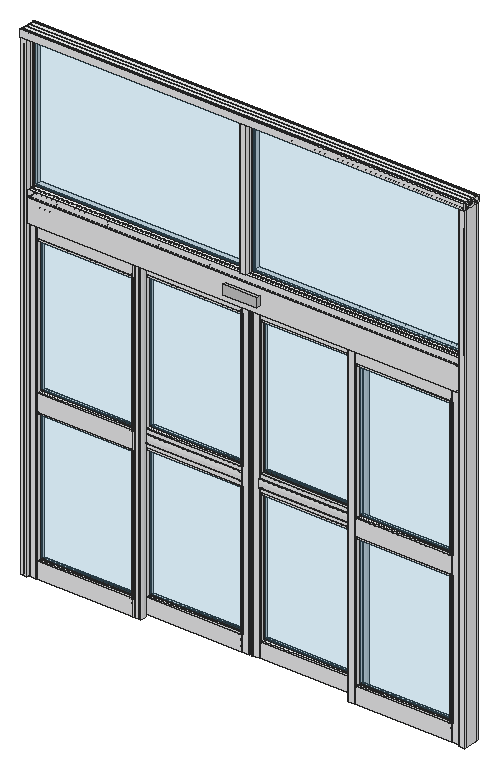
Revit family "2-5-16_Sliding-Door_TX9200SL_Bipart-Outside-Slide-w-Transom-O-SX-SX-O-w-Elec-Lock-Flush-Mnt-Exit-Panic-HW_Tormax", category Doors, host Wall, Revit 2026 (continued)
Definition of nested family "Door-Sliding-Tormax-Panel-Exit_Panic-O"
  Automatic sketch dimensions
    Sweep 4 sketch curve to Sweep 4 sketch curve = 0' - 0.11234"
    Sweep 4 sketch curve to Sweep 4 sketch curve = 0' - 0.09942"  (x4)
    Sweep 4 sketch curve to Sweep 4 sketch curve = 0' - 0.04966"  (x4)
    Sweep 4 sketch curve to plane 1 "Center (Front/Back)" = 0' - 0.12483"
    Sweep 4 sketch curve to Sweep 4 sketch curve = 0' - 0.00209"  (x2)
    Sweep 4 sketch curve to Sweep 4 sketch curve = 0' - 0.03487"  (x4)
    plane 1 "Center (Front/Back)" to Sweep 4 sketch curve = 0' - 0.20955"  (x2)
    plane 1 "Center (Front/Back)" to Sweep 4 sketch curve = 0' - 0.07259"  (x2)
    Sweep 4 sketch curve to Sweep 4 sketch curve = 0' - 0.0719"  (x4)
    Sweep 4 sketch curve to plane 1 "Center (Front/Back)" = 0' - 0.07259"  (x2)
    Sweep 4 sketch curve to plane 1 "Center (Front/Back)" = 0' - 0.09459"  (x2)
    Sweep 4 sketch curve to Sweep 4 sketch curve = 0' - 0.02199"  (x4)
    plane 1 "Center (Front/Back)" to Sweep 4 sketch curve = 0' - 0.09459"  (x2)
    Sweep 4 sketch curve to Sweep 4 sketch curve = 0' - 0.06113"
    Sweep 4 sketch curve to plane 1 "Center (Front/Back)" = 0' - 0.20955"
    plane 1 "Center (Front/Back)" to Sweep 4 sketch curve = 0' - 0.12483"
    Sweep 4 sketch curve to Sweep 4 sketch curve = 0' - 0.06234"
    Sweep 4 sketch curve to Sweep 4 sketch curve = 0' - 0.03026"
    Sweep 4 sketch curve to Sweep 4 sketch curve = 0' - 0.14248"
    Sweep 4 sketch curve to Sweep 4 sketch curve = 0' - 0.09251"
    Sweep 4 sketch curve to Sweep 4 sketch curve = 0' - 0.13361"
    Sweep 4 sketch curve to plane 1 "Center (Front/Back)" = 0' - 0.25955"
    Sweep 4 sketch curve to Sweep 4 sketch curve = 0' - 0.11958"
    Sweep 4 sketch curve to Sweep 4 sketch curve = 0' - 0.14365"
    Sweep 4 sketch curve to Sweep 4 sketch curve = 0' - 0.19365"  (x3)
    Sweep 4 sketch curve to Sweep 4 sketch curve = 0' - 0.25378"  (x2)
    Sweep 4 sketch curve to Sweep 4 sketch curve = 0' - 0.4219"  (x2)
    Sweep 4 sketch curve to Sweep 4 sketch curve = 0' - 0.04971"  (x4)
    Sweep 4 sketch curve to Sweep 4 sketch curve = 0' - 0.08472"  (x5)
    Sweep 4 sketch curve to Sweep 4 sketch curve = 0' - 0.05012"  (x4)
    Sweep 4 sketch curve to Sweep 4 sketch curve = 0' - 0.06945"
    Sweep 4 sketch curve to Sweep 4 sketch curve = 0' - 0.06958"  (x2)
    plane 1 "Center (Front/Back)" to Sweep 4 sketch curve = 0' - 0.13997"  (x2)
    Sweep 4 sketch curve to Sweep 4 sketch curve = 0' - 0.04722"
    Sweep 4 sketch curve to Sweep 4 sketch curve = 0' - 0.02777"
    Sweep 4 sketch curve to Sweep 4 sketch curve = 0' - 0.04144"  (x2)
    Sweep 4 sketch curve to Sweep 4 sketch curve = 0' - 0.08847"
    Sweep 4 sketch curve to Sweep 4 sketch curve = 0' - 0.0904"  (x2)
    Sweep 4 sketch curve to Sweep 4 sketch curve = 0' - 0.04991"  (x2)
    Sweep 4 sketch curve to Sweep 4 sketch curve = 0' - 0.01286"  (x2)
    Sweep 4 sketch curve to Sweep 4 sketch curve = 0' - 0.06296"  (x2)
    Sweep 4 sketch curve to Sweep 4 sketch curve = 0' - 0.09922"  (x2)
    Sweep 4 sketch curve to Sweep 4 sketch curve = 0' - 0.08367"  (x2)
    plane 1 "Center (Front/Back)" to Sweep 6 sketch curve = 0' - 0.13997"  (x4)
    Sweep 6 sketch curve to Sweep 6 sketch curve = 0' - 0.512"
    Sweep 6 sketch curve to Sweep 6 sketch curve = 0' - 0"  (x10)
    Sweep 6 sketch curve to Sweep 6 sketch curve = 0' - 0.01301"  (x4)
    Sweep 6 sketch curve to plane 1 "Center (Front/Back)" = 0' - 0.6157"  (x2)
    Sweep 6 sketch curve to Sweep 6 sketch curve = 0' - 0.04373"  (x4)
    Sweep 6 sketch curve to Sweep 6 sketch curve = 0' - 0.06431"  (x4)
    Sweep 6 sketch curve to Sweep 6 sketch curve = 0' - 0.09972"
    Sweep 6 sketch curve to Sweep 6 sketch curve = 0' - 0.05"  (x19)
    Sweep 6 sketch curve to Sweep 6 sketch curve = 0' - 0.13079"  (x4)
    Sweep 6 sketch curve to Sweep 6 sketch curve = 0' - 0.1438"  (x4)
    Sweep 6 sketch curve to Sweep 6 sketch curve = 0' - 0.0339"  (x3)
    Sweep 6 sketch curve to Sweep 6 sketch curve = 0' - 0.05017"  (x4)
    Sweep 6 sketch curve to Sweep 6 sketch curve = 0' - 0.09251"
    Sweep 6 sketch curve to Sweep 6 sketch curve = 0' - 0.06616"  (x3)
    Sweep 6 sketch curve to Sweep 6 sketch curve = 0' - 0.08665"  (x4)
    Sweep 6 sketch curve to Sweep 6 sketch curve = 0' - 0.04414"  (x2)
    Sweep 6 sketch curve to plane 1 "Center (Front/Back)" = 0' - 0.58206"  (x2)
    Sweep 6 sketch curve to Sweep 6 sketch curve = 0' - 0.11234"  (x2)
    Sweep 6 sketch curve to Sweep 6 sketch curve = 0' - 0.0682"  (x4)
    Sweep 6 sketch curve to Sweep 6 sketch curve = 0' - 0.09942"  (x8)
    Sweep 6 sketch curve to Sweep 6 sketch curve = 0' - 0.04966"  (x8)
    plane 1 "Center (Front/Back)" to Sweep 6 sketch curve = 0' - 0.12483"  (x3)
    Sweep 6 sketch curve to Sweep 6 sketch curve = 0' - 0.00209"  (x6)
    Sweep 6 sketch curve to Sweep 6 sketch curve = 0' - 0.03487"  (x8)
    Sweep 6 sketch curve to plane 1 "Center (Front/Back)" = 0' - 0.20955"
    Sweep 6 sketch curve to plane 1 "Center (Front/Back)" = 0' - 0.07259"  (x4)
    Sweep 6 sketch curve to Sweep 6 sketch curve = 0' - 0.0719"  (x6)
    plane 1 "Center (Front/Back)" to Sweep 6 sketch curve = 0' - 0.07259"  (x4)
    Sweep 6 sketch curve to plane 1 "Center (Front/Back)" = 0' - 0.09459"  (x4)
    Sweep 6 sketch curve to Sweep 6 sketch curve = 0' - 0.02199"  (x8)
    plane 1 "Center (Front/Back)" to Sweep 6 sketch curve = 0' - 0.09459"  (x4)
    Sweep 6 sketch curve to Sweep 6 sketch curve = 0' - 0.09599"  (x2)
    Sweep 6 sketch curve to Sweep 6 sketch curve = 0' - 0.20772"  (x2)
    Sweep 6 sketch curve to Sweep 6 sketch curve = 0' - 0.13031"
    Sweep 6 sketch curve to Sweep 6 sketch curve = 0' - 0.00586"  (x3)
    Sweep 6 sketch curve to Sweep 6 sketch curve = 0' - 0.10006"  (x2)
    Sweep 6 sketch curve to Sweep 6 sketch curve = 0' - 0.05599"
    Sweep 6 sketch curve to Sweep 6 sketch curve = 0' - 0.156"
    Sweep 6 sketch curve to Sweep 6 sketch curve = 0' - 0.14972"
    Sweep 6 sketch curve to Sweep 6 sketch curve = 0' - 0.12404"
    plane 1 "Center (Front/Back)" to Sweep 6 sketch curve = 0' - 0.20955"  (x2)
    Sweep 6 sketch curve to Sweep 6 sketch curve = 0' - 0.06113"
    Sweep 6 sketch curve to Sweep 6 sketch curve = 0' - 0.06234"
    Sweep 6 sketch curve to Sweep 6 sketch curve = 0' - 0.03026"
    Sweep 6 sketch curve to plane 1 "Center (Front/Back)" = 0' - 0.49166"
    Sweep 6 sketch curve to Sweep 6 sketch curve = 0' - 0.14248"
    Sweep 6 sketch curve to Sweep 6 sketch curve = 0' - 0.13361"
    Sweep 6 sketch curve to Sweep 6 sketch curve = 0' - 0.04991"  (x4)
    Sweep 6 sketch curve to Sweep 6 sketch curve = 0' - 0.08355"
    Sweep 6 sketch curve to plane 1 "Center (Front/Back)" = 0' - 0.66561"
    Sweep 6 sketch curve to Sweep 6 sketch curve = 0' - 0.01286"  (x4)
    Sweep 6 sketch curve to Sweep 6 sketch curve = 0' - 0.06296"  (x4)
    Sweep 6 sketch curve to Sweep 6 sketch curve = 0' - 0.09922"  (x4)
    Sweep 6 sketch curve to Sweep 6 sketch curve = 0' - 0.08367"  (x4)
    Sweep 6 sketch curve to Sweep 6 sketch curve = 0' - 0.04971"  (x8)
    Sweep 6 sketch curve to Sweep 6 sketch curve = 0' - 0.09641"  (x2)
    Sweep 6 sketch curve to Sweep 6 sketch curve = 0' - 0.0904"  (x3)
    Sweep 6 sketch curve to Sweep 6 sketch curve = 0' - 0 79/256"  (x2)
    Sweep 6 sketch curve to Sweep 6 sketch curve = 0' - 0.19365"  (x3)
    Sweep 6 sketch curve to Sweep 6 sketch curve = 0' - 0.08847"
    Sweep 6 sketch curve to Sweep 6 sketch curve = 0' - 0.07336"  (x4)
    Sweep 6 sketch curve to Sweep 6 sketch curve = 0' - 0.01367"  (x4)
    Sweep 6 sketch curve to Sweep 6 sketch curve = 0' - 0.11496"  (x3)
    Sweep 6 sketch curve to Sweep 6 sketch curve = 0' - 0.04144"  (x4)
    Sweep 6 sketch curve to Sweep 6 sketch curve = 0' - 0.04722"  (x4)
    Sweep 6 sketch curve to Sweep 6 sketch curve = 0' - 0.05012"  (x8)
    Sweep 6 sketch curve to Sweep 6 sketch curve = 0' - 0.06958"  (x4)
    Sweep 6 sketch curve to Sweep 6 sketch curve = 0' - 0.08472"  (x9)
    Sweep 6 sketch curve to Sweep 6 sketch curve = 0' - 0.06945"
    Sweep 6 sketch curve to Sweep 6 sketch curve = 0' - 0.14365"  (x2)
    Sweep 6 sketch curve to Sweep 6 sketch curve = 0' - 0.25378"  (x4)
    Sweep 6 sketch curve to Sweep 6 sketch curve = 0' - 0.11812"  (x3)
    Sweep 6 sketch curve to Sweep 6 sketch curve = 0' - 0.4219"
    Sweep 7 sketch curve to plane 3 "Center (Left/Right)" = 0' - 0"
    plane 1 "Center (Front/Back)" to Sweep 7 sketch curve = 0' - 0.1901"
    Sweep 7 sketch curve to Sweep 7 sketch curve = 0' - 0"  (x6)
    Sweep 7 sketch curve to Sweep 7 sketch curve = 0' - 0.00628"
    Sweep 7 sketch curve to Sweep 7 sketch curve = 0' - 0.05"  (x8)
    Sweep 7 sketch curve to Sweep 7 sketch curve = 0' - 0.05599"
    Sweep 7 sketch curve to Sweep 7 sketch curve = 0' - 0.13079"  (x2)
    Sweep 7 sketch curve to Sweep 7 sketch curve = 0' - 0.1438"  (x2)
    Sweep 7 sketch curve to Sweep 7 sketch curve = 0' - 0.06431"  (x2)
    Sweep 7 sketch curve to Sweep 7 sketch curve = 0' - 0.04373"  (x2)
    Sweep 7 sketch curve to Sweep 7 sketch curve = 0' - 0.0339"  (x2)
    Sweep 7 sketch curve to Sweep 7 sketch curve = 0' - 0.05017"  (x2)
    plane 1 "Center (Front/Back)" to Sweep 7 sketch curve = 0' - 0.49166"
    Sweep 7 sketch curve to Sweep 7 sketch curve = 0' - 0.12404"  (x3)
    Sweep 7 sketch curve to Sweep 7 sketch curve = 0' - 0.06616"  (x2)
    Sweep 7 sketch curve to Sweep 7 sketch curve = 0' - 0.08665"  (x3)
    Sweep 7 sketch curve to Sweep 7 sketch curve = 0' - 0.00586"  (x2)
    Sweep 7 sketch curve to Sweep 7 sketch curve = 0' - 0.0682"  (x2)
    Sweep 7 sketch curve to Sweep 7 sketch curve = 0' - 0.11234"
    Sweep 7 sketch curve to Sweep 7 sketch curve = 0' - 0.09942"  (x4)
    Sweep 7 sketch curve to Sweep 7 sketch curve = 0' - 0.04966"  (x4)
    Sweep 7 sketch curve to plane 1 "Center (Front/Back)" = 0' - 0.12483"
    Sweep 7 sketch curve to Sweep 7 sketch curve = 0' - 0.00209"  (x2)
    Sweep 7 sketch curve to Sweep 7 sketch curve = 0' - 0.03487"  (x4)
    plane 1 "Center (Front/Back)" to Sweep 7 sketch curve = 0' - 0.20955"  (x2)
    plane 1 "Center (Front/Back)" to Sweep 7 sketch curve = 0' - 0.07259"  (x2)
    Sweep 7 sketch curve to Sweep 7 sketch curve = 0' - 0.0719"  (x4)
    Sweep 7 sketch curve to plane 1 "Center (Front/Back)" = 0' - 0.07259"  (x2)
    Sweep 7 sketch curve to plane 1 "Center (Front/Back)" = 0' - 0.09459"  (x2)
    Sweep 7 sketch curve to Sweep 7 sketch curve = 0' - 0.02199"  (x4)
    plane 1 "Center (Front/Back)" to Sweep 7 sketch curve = 0' - 0.09459"  (x2)
    Sweep 7 sketch curve to plane 1 "Center (Front/Back)" = 0' - 0.20955"
    Sweep 7 sketch curve to Sweep 7 sketch curve = 0' - 0.06113"
    plane 1 "Center (Front/Back)" to Sweep 7 sketch curve = 0' - 0.12483"
    Sweep 7 sketch curve to Sweep 7 sketch curve = 0' - 0.06234"
    Sweep 7 sketch curve to Sweep 7 sketch curve = 0' - 0.03026"
    Sweep 7 sketch curve to Sweep 7 sketch curve = 0' - 0.14248"
    Sweep 7 sketch curve to Sweep 7 sketch curve = 0' - 0.09251"
    Sweep 7 sketch curve to Sweep 7 sketch curve = 0' - 0.01301"
    Sweep 7 sketch curve to Sweep 7 sketch curve = 0' - 0.13361"
    Sweep 7 sketch curve to plane 1 "Center (Front/Back)" = 0' - 0.25955"  (x2)
    Sweep 7 sketch curve to Sweep 7 sketch curve = 0' - 0.14365"
    Sweep 7 sketch curve to Sweep 7 sketch curve = 0' - 0.19365"  (x3)
    Sweep 7 sketch curve to Sweep 7 sketch curve = 0' - 0.25378"  (x2)
    Sweep 7 sketch curve to Sweep 7 sketch curve = 0' - 0.4219"  (x2)
    Sweep 7 sketch curve to Sweep 7 sketch curve = 0' - 0.04971"  (x4)
    Sweep 7 sketch curve to Sweep 7 sketch curve = 0' - 0.08472"  (x5)
    Sweep 7 sketch curve to Sweep 7 sketch curve = 0' - 0.06945"  (x2)
    Sweep 7 sketch curve to Sweep 7 sketch curve = 0' - 0.05012"  (x4)
    Sweep 7 sketch curve to Sweep 7 sketch curve = 0' - 0.06958"  (x2)
    plane 1 "Center (Front/Back)" to Sweep 7 sketch curve = 0' - 0.13997"
    Sweep 7 sketch curve to Sweep 7 sketch curve = 0' - 0.04722"
    Sweep 7 sketch curve to Sweep 7 sketch curve = 0' - 0.02777"
    Sweep 7 sketch curve to Sweep 7 sketch curve = 0' - 0.04144"  (x2)
    Sweep 7 sketch curve to Sweep 7 sketch curve = 0' - 0.08847"
    Sweep 7 sketch curve to Sweep 7 sketch curve = 0' - 0.0904"  (x2)
    Sweep 7 sketch curve to Sweep 7 sketch curve = 0' - 0.04991"  (x2)
    Sweep 7 sketch curve to Sweep 7 sketch curve = 0' - 0.01286"  (x2)
    Sweep 7 sketch curve to Sweep 7 sketch curve = 0' - 0.06296"  (x2)
    Sweep 7 sketch curve to Sweep 7 sketch curve = 0' - 0.09922"  (x2)
    Sweep 7 sketch curve to Sweep 7 sketch curve = 0' - 0.08367"  (x2)
    Extrusion 8 sketch curve to plane 7 = 0' - 0"
    plane 6 to Extrusion 8 sketch curve = 0' - 0"
    plane 12 to Extrusion 8 sketch curve = 0' - 0.29207"
    plane 13 to Extrusion 8 sketch curve = 0' - 0.29207"
    Sweep 2 sketch curve to Sweep 2 sketch curve = 0' - 0.1"  (x4)
    Sweep 2 sketch curve to Sweep 2 sketch curve = 0' - 0.00401"  (x4)
Definition of nested family "Door-Sliding-Tormax-Panel-Exit_Panic-SX"
  Parameters (values of type "Door-Sliding-Tormax-Panel-Exit_Panic-SX")
    Width = 2' - 6 7/16"
    Thickness = 0' - 1.82"  # constant formula
    Height = 7' - 1 1/2"
    Handle Material = none
    Glass = none
    Frame Material = none
    Define Thermal Properties by = 1
    Default Elevation = 0' - 0"
    Analytic Construction = "<None>"
  Reference planes (in)
    plane 1 "Center (Front/Back)": y = 0
    plane 2: z = 0
    plane 3 "Center (Left/Right)": x = 0
    plane 4: z = 85.5
    plane 5: z = 42.75
    plane 6: y = 0.12483
    plane 7: y = -0.12517
    plane 8: y = -0.91
    plane 9: y = 0.91
    plane 10: x = -15.21875
    plane 11: x = 15.21875
    plane 12: x = -13.09375
    plane 13: x = 13.09375
    plane 14: z = 45
    plane 15: z = 40.5
    plane 16: z = 82.40625
    plane 17: z = 4.3125
  Forms (in)
    Sweep 1, solid, material <- "Frame Material"
      path origin (0, 0, 0) x (1, 0, 0) y (0, 0, 1)
        loop
          line (-15.21875, 0.3125) -> (-15.21875, 84.15625)
      profile origin (-15.21875, 0, 42.23437) x (-1, 0, 0) y (0, -1, 0)
        loop
          line (-0.25, -0.18701) -> (-0.25, 0.18701) -> (-0.13107, 0.18701)
          arc (-0.13107, 0.18701) -> (-0.16494, 0.47848) -> (-0.22824, 0.765) r 2.88588
          line (-0.22824, 0.765) -> (-1.844, 0.765) -> (-1.844, -0.765) -> (-0.22824, -0.765)
          arc (-0.22824, -0.765) -> (-0.16494, -0.47848) -> (-0.13107, -0.18701) r 2.88588
          line (-0.13107, -0.18701) -> (-0.25, -0.18701)
        loop
          arc (-0.14081, -0.91) -> (0, 0) -> (-0.14081, 0.91) r 3.01088
          line (-0.14081, 0.91) -> (-2.125, 0.91) -> (-2.125, 0.70839) -> (-2.00861, 0.77559) -> (-1.969, 0.77559) -> (-1.969, -0.77559) -> (-2.00861, -0.77559) -> (-2.125, -0.70839) -> (-2.125, -0.91) -> (-0.14081, -0.91)
    Sweep 2, solid, material <- "Frame Material"
      path origin (0, 0, 0) x (1, 0, 0) y (0, 0, 1)
        loop
          line (-13.09375, 0) -> (13.09375, 0)
      profile origin (0, 0, 0) x (0, 0, 1) y (0, -1, 0)
        loop
          line (4.3125, 0.8749) -> (0.3125, 0.8749) -> (0.3125, -0.23479) -> (0.62437, -0.23479)
          arc (0.62437, -0.23479) -> (0.7132, -0.198) -> (0.75, -0.10916) r 0.12563
          line (0.75, -0.10916) -> (0.75, 0.32559)
          arc (0.75, 0.32559) -> (0.80554, 0.45967) -> (0.93962, 0.51521) r 0.18962
          line (0.93962, 0.51521) -> (1.37112, 0.51521)
          arc (1.37112, 0.51521) -> (1.46225, 0.55295) -> (1.5, 0.64409) r 0.12888
          line (1.5, 0.64409) -> (1.5, 0.75022) -> (1.87452, 0.75022) -> (1.87452, -0.74981) -> (1.40707, -0.74981) -> (1.11896, -0.4258) -> (0.5105, -0.4258) -> (0.5105, -0.5258) -> (1.08251, -0.5258) -> (1.08251, -0.76481) -> (0.3125, -0.76481) -> (0.3125, -0.8749) -> (4.3125, -0.8749) -> (4.3125, -0.70921) -> (4.20607, -0.77066) -> (4.1581, -0.77066) -> (4.1581, 0.77066) -> (4.20607, 0.77066) -> (4.3125, 0.70921) -> (4.3125, 0.8749)
        loop
          line (4.03195, -0.71919) -> (4.03195, 0.71919) -> (3.78529, 0.71919) -> (3.78529, 0.75305) -> (3.33375, 0.75305) -> (3.33375, 0.71919) -> (3.08216, 0.71919) -> (3.08216, 0.5938) -> (2.94954, 0.5938) -> (2.94954, 0.7188) -> (2.69891, 0.7188) -> (2.69891, 0.74999) -> (2.25015, 0.74999) -> (2.25015, 0.7188) -> (1.99953, 0.7188) -> (1.99953, -0.7188) -> (2.25015, -0.7188) -> (2.25015, -0.74999) -> (2.69891, -0.74999) -> (2.69891, -0.7188) -> (2.94954, -0.7188) -> (2.94954, -0.5938) -> (3.08216, -0.5938) -> (3.08216, -0.71919) -> (3.33375, -0.71919) -> (3.33375, -0.75305) -> (3.78529, -0.75305) -> (3.78529, -0.71919) -> (4.03195, -0.71919)
        loop
          line (45, -0.875) -> (45, -0.70777) -> (44.8905, -0.77099) -> (44.844, -0.77099) -> (44.844, 0.77099) -> (44.8905, 0.77099) -> (45, 0.70777) -> (45, 0.875) -> (43.99984, 0.875) -> (43.99984, -0.17511) -> (43.62961, -0.17511) -> (43.62961, -0.775) -> (41.87039, -0.775) -> (41.87039, -0.17511) -> (41.50016, -0.17511) -> (41.50016, 0.875) -> (40.5, 0.875) -> (40.5, 0.70777) -> (40.6095, 0.77099) -> (40.656, 0.77099) -> (40.656, -0.77099) -> (40.6095, -0.77099) -> (40.5, -0.70777) -> (40.5, -0.875) -> (45, -0.875)
        loop
          line (40.75634, -0.77461) -> (41.77039, -0.77461) -> (41.77039, -0.27511) -> (41.40016, -0.27511) -> (41.40016, 0.775) -> (40.75634, 0.775) -> (40.75634, -0.77461)
        loop
          line (82.40625, 0.8749) -> (82.40625, 0.70921) -> (82.51268, 0.77066) -> (82.56065, 0.77066) -> (82.56065, -0.77066) -> (82.51268, -0.77066) -> (82.40625, -0.70921) -> (82.40625, -0.8749) -> (84.15625, -0.8749) -> (84.15625, -0.70756) -> (84.04556, -0.77147) -> (84.00025, -0.77147) -> (84.00025, 0.77147) -> (84.04628, 0.77147) -> (84.15625, 0.70798) -> (84.15625, 0.8749) -> (82.40625, 0.8749)
        loop
          line (82.6868, -0.72879) -> (82.93737, -0.72879) -> (82.93737, -0.75979) -> (83.38695, -0.75979) -> (83.38695, -0.72879) -> (83.63659, -0.72879) -> (83.63659, -0.51879) -> (83.85025, -0.51879) -> (83.85025, 0.51879) -> (83.63659, 0.51879) -> (83.63659, 0.72879) -> (83.38695, 0.72879) -> (83.38695, 0.75979) -> (82.93737, 0.75979) -> (82.93737, 0.72879) -> (82.6868, 0.72879) -> (82.6868, -0.72879)
        loop
          line (44.74366, -0.77461) -> (44.74366, 0.775) -> (44.09984, 0.775) -> (44.09984, -0.27511) -> (43.72961, -0.27511) -> (43.72961, -0.77461) -> (44.74366, -0.77461)
        loop
          line (43.965, 0.16219) -> (43.965, 0.80087)
          arc (43.965, 0.80087) -> (43.91534, 0.93277) -> (43.79103, 0.99917) r 0.2
          arc (43.79103, 0.99917) -> (42.75, 1.06719) -> (41.70897, 0.99917) r 8
          arc (41.70897, 0.99917) -> (41.58466, 0.93277) -> (41.535, 0.80087) r 0.2
          line (41.535, 0.80087) -> (41.535, 0.16219) -> (43.965, 0.16219)
    Sweep 3, solid, material <- "Frame Material"
      path origin (0, 0, 0) x (1, 0, 0) y (0, 0, 1)
        loop
          line (15.21875, 0.3125) -> (15.21875, 84.15625)
      profile origin (15.21875, 0, 42.23437) x (-1, 0, 0) y (0, -1, 0)
        loop
          line (2.125, -0.91) -> (2.125, -0.70835) -> (2.02717, -0.76483) -> (1.969, -0.76483) -> (1.969, 0.76483) -> (2.02775, 0.76483) -> (2.125, 0.70869) -> (2.125, 0.91) -> (0.14318, 0.91)
          arc (0.14318, 0.91) -> (0.12559, 0.85357) -> (0.10913, 0.79679) r 2.96345
          line (0.10913, 0.79679) -> (0.18087, 0.77676) -> (0.20082, 0.85943) -> (0.27801, 0.84081) -> (0.18503, 0.45549) -> (0.10975, 0.47365) -> (0.1297, 0.55632) -> (0.05562, 0.57144)
          arc (0.05562, 0.57144) -> (0, 0) -> (0.05562, -0.57144) r 2.96345
          line (0.05562, -0.57144) -> (0.1297, -0.55632) -> (0.10975, -0.47365) -> (0.18503, -0.45549) -> (0.27801, -0.84081) -> (0.20082, -0.85943) -> (0.18087, -0.77676) -> (0.10913, -0.79679)
          arc (0.10913, -0.79679) -> (0.12559, -0.85357) -> (0.14318, -0.91) r 2.96345
          line (0.14318, -0.91) -> (2.125, -0.91)
        loop
          line (1.844, -0.76483) -> (1.844, 0.76517) -> (0.33616, 0.76517)
          arc (0.33616, 0.76517) -> (0.28782, 0.57373) -> (0.25342, 0.37931) r 2.73645
          line (0.25342, 0.37931) -> (0.15, 0.37931) -> (0.15, 0.18239) -> (0.25029, 0.18239) -> (0.25029, -0.18239) -> (0.15, -0.18239) -> (0.15, -0.37931) -> (0.25342, -0.37931)
          arc (0.25342, -0.37931) -> (0.28778, -0.57356) -> (0.33606, -0.76483) r 2.73645
          line (0.33606, -0.76483) -> (1.844, -0.76483)
    Sweep 4, solid, material <- "Frame Material"
      path origin (0, 0, 0) x (1, 0, 0) y (0, 0, 1)
        loop
          line (0, 4.3125) -> (0, 40.5)
      profile origin (0, 0, 22.40625) x (-1, 0, 0) y (0, -1, 0)
        loop
          line (-13.09375, -0.87481) -> (-12.59395, -0.87481) -> (-12.59395, -0.20955) -> (-12.55909, -0.20955) -> (-12.49796, -0.09459) -> (-12.51995, -0.07259) -> (-12.59186, -0.12483) -> (-12.80168, -0.12483) -> (-12.80168, -0.20955) -> (-12.9693, -0.20955) -> (-12.9693, -0.13997) -> (-13.05595, -0.13997) -> (-13.05595, 0.13997) -> (-12.9693, 0.13997) -> (-12.9693, 0.20955) -> (-12.80168, 0.20955) -> (-12.80168, 0.12483) -> (-12.59186, 0.12483) -> (-12.51995, 0.07259) -> (-12.49796, 0.09459) -> (-12.55909, 0.20955) -> (-12.59395, 0.20955) -> (-12.59395, 0.87481) -> (-13.09375, 0.87481) -> (-13.09375, 0.66561) -> (-13.19347, 0.66561) -> (-13.19347, 0.76483) -> (-13.24347, 0.76483) -> (-13.24347, 0.6157) -> (-13.13748, 0.6157) -> (-13.01344, 0.49166) -> (-13.01344, 0.32983)
          arc (-13.01344, 0.32983) -> (-13.07886, 0.30274) -> (-13.10595, 0.23732) r 0.09251
          line (-13.10595, 0.23732) -> (-13.10595, 0.1901) -> (-13.24975, 0.1901) -> (-13.24975, 0.13997) -> (-13.10595, 0.13997) -> (-13.10595, -0.13997) -> (-13.24975, -0.13997) -> (-13.24975, -0.1901) -> (-13.11896, -0.1901) -> (-13.11896, -0.25955) -> (-12.90109, -0.25955) -> (-12.90109, -0.4032) -> (-12.64361, -0.4032) -> (-12.64361, -0.8251) -> (-13.04358, -0.8251) -> (-13.04358, -0.65698) -> (-13.15806, -0.65698) -> (-13.15806, -0.70698) -> (-13.09375, -0.70698) -> (-13.09375, -0.87481)
        loop
          line (-12.99369, 0.8251) -> (-12.99369, 0.74143) -> (-13.05985, 0.74143) -> (-13.05985, 0.67847) -> (-12.96344, 0.58206) -> (-12.96344, 0.25099) -> (-12.90109, 0.25099) -> (-12.90109, 0.4032) -> (-12.64361, 0.4032) -> (-12.64361, 0.8251) -> (-12.99369, 0.8251)
        loop
          line (13.09375, -0.87481) -> (13.09375, -0.70698) -> (13.15806, -0.70698) -> (13.15806, -0.65698) -> (13.04358, -0.65698) -> (13.04358, -0.8251) -> (12.64361, -0.8251) -> (12.64361, -0.4032) -> (12.90109, -0.4032) -> (12.90109, -0.25955) -> (13.11896, -0.25955) -> (13.11896, -0.1901) -> (13.24975, -0.1901) -> (13.24975, -0.13997) -> (13.10595, -0.13997) -> (13.10595, 0.13997) -> (13.24975, 0.13997) -> (13.24975, 0.1901) -> (13.10595, 0.1901) -> (13.10595, 0.23732)
          arc (13.10595, 0.23732) -> (13.07886, 0.30274) -> (13.01344, 0.32983) r 0.09251
          line (13.01344, 0.32983) -> (13.01344, 0.49166) -> (13.13748, 0.6157) -> (13.24347, 0.6157) -> (13.24347, 0.76483) -> (13.19347, 0.76483) -> (13.19347, 0.66561) -> (13.09375, 0.66561) -> (13.09375, 0.87481) -> (12.59395, 0.87481) -> (12.59395, 0.20955) -> (12.55909, 0.20955) -> (12.49796, 0.09459) -> (12.51995, 0.07259) -> (12.59186, 0.12483) -> (12.80168, 0.12483) -> (12.80168, 0.20955) -> (12.9693, 0.20955) -> (12.9693, 0.13997) -> (13.05595, 0.13997) -> (13.05595, -0.13997) -> (12.9693, -0.13997) -> (12.9693, -0.20955) -> (12.80168, -0.20955) -> (12.80168, -0.12483) -> (12.59186, -0.12483) -> (12.51995, -0.07259) -> (12.49796, -0.09459) -> (12.55909, -0.20955) -> (12.59395, -0.20955) -> (12.59395, -0.87481) -> (13.09375, -0.87481)
        loop
          line (12.99369, 0.8251) -> (12.64361, 0.8251) -> (12.64361, 0.4032) -> (12.90109, 0.4032) -> (12.90109, 0.25099) -> (12.96344, 0.25099) -> (12.96344, 0.58206) -> (13.05985, 0.67847) -> (13.05985, 0.74143) -> (12.99369, 0.74143) -> (12.99369, 0.8251)
    Extrusion 5, solid, material <- "Glass"
      sketch origin (0, 0, 0) x (1, 0, 0) y (0, 1, 0)
        loop
          line (-12.80168, 0.12483) -> (-12.80168, -0.12517) -> (12.80168, -0.12517) -> (12.80168, 0.12483) -> (-12.80168, 0.12483)
      from 4.60457 to 40.20793
    Sweep 6, solid, material <- "Frame Material"
      path origin (0, 0, 0) x (1, 0, 0) y (0, 0, 1)
        loop
          line (-12.59395, 42.75) -> (12.59395, 42.75)
      profile origin (0, 0, 42.75) x (0, 0, 1) y (0, -1, 0)
        loop
          line (-38.4375, 0.87481) -> (-38.4375, 0.70698) -> (-38.50181, 0.70698) -> (-38.50181, 0.65698) -> (-38.38733, 0.65698) -> (-38.38733, 0.8251) -> (-37.98736, 0.8251) -> (-37.98736, 0.4032) -> (-38.24484, 0.4032) -> (-38.24484, 0.25955) -> (-38.46271, 0.25955) -> (-38.46271, 0.1901) -> (-38.5935, 0.1901) -> (-38.5935, 0.13997) -> (-38.4497, 0.13997) -> (-38.4497, -0.13997) -> (-38.5935, -0.13997) -> (-38.5935, -0.1901) -> (-38.4497, -0.1901) -> (-38.4497, -0.23732)
          arc (-38.4497, -0.23732) -> (-38.42261, -0.30274) -> (-38.35719, -0.32983) r 0.09251
          line (-38.35719, -0.32983) -> (-38.35719, -0.49166) -> (-38.48123, -0.6157) -> (-38.58722, -0.6157) -> (-38.58722, -0.76483) -> (-38.53722, -0.76483) -> (-38.53722, -0.66561) -> (-38.4375, -0.66561) -> (-38.4375, -0.87481) -> (-37.9377, -0.87481) -> (-37.9377, -0.20955) -> (-37.90284, -0.20955) -> (-37.84171, -0.09459) -> (-37.8637, -0.07259) -> (-37.93561, -0.12483) -> (-38.14543, -0.12483) -> (-38.14543, -0.20955) -> (-38.31305, -0.20955) -> (-38.31305, -0.13997) -> (-38.3997, -0.13997) -> (-38.3997, 0.13997) -> (-38.31305, 0.13997) -> (-38.31305, 0.20955) -> (-38.14543, 0.20955) -> (-38.14543, 0.12483) -> (-37.93561, 0.12483) -> (-37.8637, 0.07259) -> (-37.84171, 0.09459) -> (-37.90284, 0.20955) -> (-37.9377, 0.20955) -> (-37.9377, 0.87481) -> (-38.4375, 0.87481)
        loop
          line (-38.33744, -0.8251) -> (-37.98736, -0.8251) -> (-37.98736, -0.4032) -> (-38.24484, -0.4032) -> (-38.24484, -0.25099) -> (-38.30719, -0.25099) -> (-38.30719, -0.58206) -> (-38.4036, -0.67847) -> (-38.4036, -0.74143) -> (-38.33744, -0.74143) -> (-38.33744, -0.8251)
        loop
          line (-2.25, 0.87481) -> (-2.7498, 0.87481) -> (-2.7498, 0.20955) -> (-2.78466, 0.20955) -> (-2.84579, 0.09459) -> (-2.8238, 0.07259) -> (-2.75189, 0.12483) -> (-2.54207, 0.12483) -> (-2.54207, 0.20955) -> (-2.37445, 0.20955) -> (-2.37445, 0.13997) -> (-2.2878, 0.13997) -> (-2.2878, -0.13997) -> (-2.37445, -0.13997) -> (-2.37445, -0.20955) -> (-2.54207, -0.20955) -> (-2.54207, -0.12483) -> (-2.75189, -0.12483) -> (-2.8238, -0.07259) -> (-2.84579, -0.09459) -> (-2.78466, -0.20955) -> (-2.7498, -0.20955) -> (-2.7498, -0.87481) -> (-2.25, -0.87481) -> (-2.25, -0.66561) -> (-2.15028, -0.66561) -> (-2.15028, -0.76483) -> (-2.10028, -0.76483) -> (-2.10028, -0.6157) -> (-2.20627, -0.6157) -> (-2.33031, -0.49166) -> (-2.33031, -0.32983)
          arc (-2.33031, -0.32983) -> (-2.26489, -0.30274) -> (-2.2378, -0.23732) r 0.09251
          line (-2.2378, -0.23732) -> (-2.2378, -0.1901) -> (-2.094, -0.1901) -> (-2.094, -0.13997) -> (-2.2378, -0.13997) -> (-2.2378, 0.13997) -> (-2.094, 0.13997) -> (-2.094, 0.1901) -> (-2.22479, 0.1901) -> (-2.22479, 0.25955) -> (-2.44266, 0.25955) -> (-2.44266, 0.4032) -> (-2.70014, 0.4032) -> (-2.70014, 0.8251) -> (-2.30017, 0.8251) -> (-2.30017, 0.65698) -> (-2.18569, 0.65698) -> (-2.18569, 0.70698) -> (-2.25, 0.70698) -> (-2.25, 0.87481)
        loop
          line (-2.35006, -0.8251) -> (-2.35006, -0.74143) -> (-2.2839, -0.74143) -> (-2.2839, -0.67847) -> (-2.38031, -0.58206) -> (-2.38031, -0.25099) -> (-2.44266, -0.25099) -> (-2.44266, -0.4032) -> (-2.70014, -0.4032) -> (-2.70014, -0.8251) -> (-2.35006, -0.8251)
        loop
          line (2.25, 0.87481) -> (2.25, 0.70698) -> (2.18569, 0.70698) -> (2.18569, 0.65698) -> (2.30017, 0.65698) -> (2.30017, 0.8251) -> (2.70014, 0.8251) -> (2.70014, 0.4032) -> (2.44266, 0.4032) -> (2.44266, 0.25955) -> (2.22479, 0.25955) -> (2.22479, 0.1901) -> (2.094, 0.1901) -> (2.094, 0.13997) -> (2.2378, 0.13997) -> (2.2378, -0.13997) -> (2.094, -0.13997) -> (2.094, -0.1901) -> (2.2378, -0.1901) -> (2.2378, -0.23732)
          arc (2.2378, -0.23732) -> (2.26489, -0.30274) -> (2.33031, -0.32983) r 0.09251
          line (2.33031, -0.32983) -> (2.33031, -0.49166) -> (2.20627, -0.6157) -> (2.10028, -0.6157) -> (2.10028, -0.76483) -> (2.15028, -0.76483) -> (2.15028, -0.66561) -> (2.25, -0.66561) -> (2.25, -0.87481) -> (2.7498, -0.87481) -> (2.7498, -0.20955) -> (2.78466, -0.20955) -> (2.84579, -0.09459) -> (2.8238, -0.07259) -> (2.75189, -0.12483) -> (2.54207, -0.12483) -> (2.54207, -0.20955) -> (2.37445, -0.20955) -> (2.37445, -0.13997) -> (2.2878, -0.13997) -> (2.2878, 0.13997) -> (2.37445, 0.13997) -> (2.37445, 0.20955) -> (2.54207, 0.20955) -> (2.54207, 0.12483) -> (2.75189, 0.12483) -> (2.8238, 0.07259) -> (2.84579, 0.09459) -> (2.78466, 0.20955) -> (2.7498, 0.20955) -> (2.7498, 0.87481) -> (2.25, 0.87481)
        loop
          line (2.35006, -0.8251) -> (2.70014, -0.8251) -> (2.70014, -0.4032) -> (2.44266, -0.4032) -> (2.44266, -0.25099) -> (2.38031, -0.25099) -> (2.38031, -0.58206) -> (2.2839, -0.67847) -> (2.2839, -0.74143) -> (2.35006, -0.74143) -> (2.35006, -0.8251)
        loop
          line (39.65625, 0.87481) -> (39.15645, 0.87481) -> (39.15645, 0.20955) -> (39.12159, 0.20955) -> (39.06046, 0.09459) -> (39.08245, 0.07259) -> (39.15436, 0.12483) -> (39.36418, 0.12483) -> (39.36418, 0.20955) -> (39.5318, 0.20955) -> (39.5318, 0.13997) -> (39.61845, 0.13997) -> (39.61845, -0.13997) -> (39.5318, -0.13997) -> (39.5318, -0.20955) -> (39.36418, -0.20955) -> (39.36418, -0.12483) -> (39.15436, -0.12483) -> (39.08245, -0.07259) -> (39.06046, -0.09459) -> (39.12159, -0.20955) -> (39.15645, -0.20955) -> (39.15645, -0.87481) -> (39.65625, -0.87481) -> (39.65625, -0.66561) -> (39.75597, -0.66561) -> (39.75597, -0.76483) -> (39.80597, -0.76483) -> (39.80597, -0.6157) -> (39.69998, -0.6157) -> (39.57594, -0.49166) -> (39.57594, -0.32983)
          arc (39.57594, -0.32983) -> (39.64136, -0.30274) -> (39.66845, -0.23732) r 0.09251
          line (39.66845, -0.23732) -> (39.66845, -0.1901) -> (39.81225, -0.1901) -> (39.81225, -0.13997) -> (39.66845, -0.13997) -> (39.66845, 0.13997) -> (39.81225, 0.13997) -> (39.81225, 0.1901) -> (39.68146, 0.1901) -> (39.68146, 0.25955) -> (39.46359, 0.25955) -> (39.46359, 0.4032) -> (39.20611, 0.4032) -> (39.20611, 0.8251) -> (39.60608, 0.8251) -> (39.60608, 0.65698) -> (39.72056, 0.65698) -> (39.72056, 0.70698) -> (39.65625, 0.70698) -> (39.65625, 0.87481)
        loop
          line (39.55619, -0.8251) -> (39.55619, -0.74143) -> (39.62235, -0.74143) -> (39.62235, -0.67847) -> (39.52594, -0.58206) -> (39.52594, -0.25099) -> (39.46359, -0.25099) -> (39.46359, -0.4032) -> (39.20611, -0.4032) -> (39.20611, -0.8251) -> (39.55619, -0.8251)
    Sweep 7, solid, material <- "Frame Material"
      path origin (0, 0, 0) x (1, 0, 0) y (0, 0, 1)
        loop
          line (0, 45) -> (0, 82.40625)
      profile origin (0, 0, 63.70312) x (-1, 0, 0) y (0, -1, 0)
        loop
          line (-13.09375, -0.87481) -> (-12.59395, -0.87481) -> (-12.59395, -0.20955) -> (-12.55909, -0.20955) -> (-12.49796, -0.09459) -> (-12.51995, -0.07259) -> (-12.59186, -0.12483) -> (-12.80168, -0.12483) -> (-12.80168, -0.20955) -> (-12.9693, -0.20955) -> (-12.9693, -0.13997) -> (-13.05595, -0.13997) -> (-13.05595, 0.13997) -> (-12.9693, 0.13997) -> (-12.9693, 0.20955) -> (-12.80168, 0.20955) -> (-12.80168, 0.12483) -> (-12.59186, 0.12483) -> (-12.51995, 0.07259) -> (-12.49796, 0.09459) -> (-12.55909, 0.20955) -> (-12.59395, 0.20955) -> (-12.59395, 0.87481) -> (-13.09375, 0.87481) -> (-13.09375, 0.66561) -> (-13.19347, 0.66561) -> (-13.19347, 0.76483) -> (-13.24347, 0.76483) -> (-13.24347, 0.6157) -> (-13.13748, 0.6157) -> (-13.01344, 0.49166) -> (-13.01344, 0.32983)
          arc (-13.01344, 0.32983) -> (-13.07886, 0.30274) -> (-13.10595, 0.23732) r 0.09251
          line (-13.10595, 0.23732) -> (-13.10595, 0.1901) -> (-13.24975, 0.1901) -> (-13.24975, 0.13997) -> (-13.10595, 0.13997) -> (-13.10595, -0.13997) -> (-13.24975, -0.13997) -> (-13.24975, -0.1901) -> (-13.11896, -0.1901) -> (-13.11896, -0.25955) -> (-12.90109, -0.25955) -> (-12.90109, -0.4032) -> (-12.64361, -0.4032) -> (-12.64361, -0.8251) -> (-13.04358, -0.8251) -> (-13.04358, -0.65698) -> (-13.15806, -0.65698) -> (-13.15806, -0.70698) -> (-13.09375, -0.70698) -> (-13.09375, -0.87481)
        loop
          line (-12.99369, 0.8251) -> (-12.99369, 0.74143) -> (-13.05985, 0.74143) -> (-13.05985, 0.67847) -> (-12.96344, 0.58206) -> (-12.96344, 0.25099) -> (-12.90109, 0.25099) -> (-12.90109, 0.4032) -> (-12.64361, 0.4032) -> (-12.64361, 0.8251) -> (-12.99369, 0.8251)
        loop
          line (13.09375, -0.87481) -> (13.09375, -0.70698) -> (13.15806, -0.70698) -> (13.15806, -0.65698) -> (13.04358, -0.65698) -> (13.04358, -0.8251) -> (12.64361, -0.8251) -> (12.64361, -0.4032) -> (12.90109, -0.4032) -> (12.90109, -0.25955) -> (13.11896, -0.25955) -> (13.11896, -0.1901) -> (13.24975, -0.1901) -> (13.24975, -0.13997) -> (13.10595, -0.13997) -> (13.10595, 0.13997) -> (13.24975, 0.13997) -> (13.24975, 0.1901) -> (13.10595, 0.1901) -> (13.10595, 0.23732)
          arc (13.10595, 0.23732) -> (13.07886, 0.30274) -> (13.01344, 0.32983) r 0.09251
          line (13.01344, 0.32983) -> (13.01344, 0.49166) -> (13.13748, 0.6157) -> (13.24347, 0.6157) -> (13.24347, 0.76483) -> (13.19347, 0.76483) -> (13.19347, 0.66561) -> (13.09375, 0.66561) -> (13.09375, 0.87481) -> (12.59395, 0.87481) -> (12.59395, 0.20955) -> (12.55909, 0.20955) -> (12.49796, 0.09459) -> (12.51995, 0.07259) -> (12.59186, 0.12483) -> (12.80168, 0.12483) -> (12.80168, 0.20955) -> (12.9693, 0.20955) -> (12.9693, 0.13997) -> (13.05595, 0.13997) -> (13.05595, -0.13997) -> (12.9693, -0.13997) -> (12.9693, -0.20955) -> (12.80168, -0.20955) -> (12.80168, -0.12483) -> (12.59186, -0.12483) -> (12.51995, -0.07259) -> (12.49796, -0.09459) -> (12.55909, -0.20955) -> (12.59395, -0.20955) -> (12.59395, -0.87481) -> (13.09375, -0.87481)
        loop
          line (12.99369, 0.8251) -> (12.64361, 0.8251) -> (12.64361, 0.4032) -> (12.90109, 0.4032) -> (12.90109, 0.25099) -> (12.96344, 0.25099) -> (12.96344, 0.58206) -> (13.05985, 0.67847) -> (13.05985, 0.74143) -> (12.99369, 0.74143) -> (12.99369, 0.8251)
    Extrusion 8, solid, material <- "Glass"
      sketch origin (0, 0, 0) x (1, 0, 0) y (0, 1, 0)
        loop
          line (-12.80168, 0.12483) -> (-12.80168, -0.12517) -> (12.80168, -0.12517) -> (12.80168, 0.12483) -> (-12.80168, 0.12483)
      from 45.29207 to 82.11418
    Sweep 9, solid, material <- "Frame Material"
      path origin (0, 0, 0) x (1, 0, 0) y (0, 0, 1)
        loop
          line (-15.21875, 85.5) -> (15.21875, 85.5)
      profile origin (0, 0, 85.5) x (0, 0, 1) y (0, -1, 0)
        loop
          line (-1.05567, 0.9185) -> (-1.34375, 0.9185) -> (-1.34375, -0.7995) -> (-0.71867, -0.7995) -> (-0.71867, 0.14602)
          arc (-0.71867, 0.14602) -> (-0.73017, 0.19158) -> (-0.7459, 0.23586) r 0.5
          arc (-0.7459, 0.23586) -> (-0.77367, 0.2545) -> (-0.80143, 0.23586) r 0.03
          arc (-0.80143, 0.23586) -> (-0.82927, 0.143) -> (-0.83867, 0.04652) r 0.5
          line (-0.83867, 0.04652) -> (-0.83867, -0.19357)
          arc (-0.83867, -0.19357) -> (-0.9137, -0.2685) -> (-0.98867, -0.1935) r 0.075
          line (-0.98867, -0.1935) -> (-0.98867, 0.34217)
          arc (-0.98867, 0.34217) -> (-1.0072, 0.47704) -> (-1.06143, 0.60192) r 0.5
          line (-1.06143, 0.60192) -> (-1.18067, 0.55479) -> (-1.18067, 0.7442) -> (-1.05567, 0.69479) -> (-1.05567, 0.9185)
  Lines and regions (in)
    symbolic lines
      curve 1: line (-15.21875, 0.91, 0) -> (-15.21875, 31.3475, 0)
      curve 2: arc (-15.21875, 31.3475, 0) -> (6.30381, 22.43256, 0) -> (15.21875, 0.91, 0) r 30.4375
      curve 3: line (-15.21875, 0, 42.75) -> (15.21875, 0, 84.15625)
      curve 4: line (-15.21875, 0, 42.75) -> (15.21875, 0, 0)
  Dimensions and locks (in)
    "Height": plane 4 to level
    equal spacing: plane 10, plane 3 "Center (Left/Right)", plane 11
    "Width": plane 10 to plane 11
    "Thickness": plane 9 to plane 8
    equal spacing: plane 9, plane 1 "Center (Front/Back)", plane 8
    locked: plane 10 to plane 12 at 2.125
    locked: plane 13 to plane 11 at 2.125
    locked: plane 5 to level at 42.75
    plane 10 to Sweep 1 sketch curve to Sweep 1 sketch curve = 0' - 2 1/8" locked, 0' - 0" locked
    locked: plane 17 to plane 2 at 4.3125
    locked: Sweep 4 sketch curve to plane 13 at 0.4998  (x2)
    plane 12 to Sweep 4 sketch curve to Sweep 4 sketch curve = 0' - 0.4998" locked, 0' - 0" locked
    plane 7 to plane 1 "Center (Front/Back)" to plane 6 = 0' - 0.12517" locked, 0' - 0.12483" locked
    locked: Extrusion 5 sketch curve to plane 13 at 0.29207
    locked: plane 12 to Extrusion 5 sketch curve at 0.29207
    locked: Sweep 6 sketch curve to plane 13 at 0.4998
    locked: Sweep 6 sketch curve to plane 12 at 0.4998
    locked: Sweep 6 sketch curve to plane 2 at 4.8123  (x2)
    Sweep 6 sketch curve to Sweep 6 sketch curve to plane 15 = 0' - 0" locked, 0' - 0.4998" locked
    Sweep 6 sketch curve to Sweep 6 sketch curve to plane 14 = 0' - 0" locked, 0' - 0.4998" locked
    Sweep 6 sketch curve to Sweep 6 sketch curve to plane 16 = 0' - 0" locked, 0' - 0.4998" locked
    locked: plane 2 to Extrusion 5 at 4.60457
    locked: Extrusion 5 to plane 15 at 0.29207
    locked: Extrusion 8 to plane 14 at 0.29207
    locked: Extrusion 8 to plane 16 at 0.29207
    locked: plane 12 to Sweep 7 sketch curve at 0.4998  (x2)
    Sweep 7 sketch curve to Sweep 7 sketch curve to plane 13 = 0' - 0" locked, 0' - 0.4998" locked
    locked: plane 4 to Sweep 1 sketch curve at 1.34375
    locked: plane 4 to Sweep 3 sketch curve at 1.34375
    locked: plane 16 to plane 4 at 3.09375
    plane 4 to Sweep 9 sketch curve to Sweep 9 sketch curve = 0' - 0.71867" locked, 0' - 0.62508" locked
    plane 16 to Sweep 2 sketch curve to Sweep 2 sketch curve = 0' - 1.444" locked, 0' - 0.15" locked
    locked: plane 4 to curve 3 at 1.34375
    plane 13 to plane 11 = 0' - 2 1/8"
    locked: Sweep 1 sketch curve to plane 2 at 0.3125
    locked: Sweep 3 sketch curve to plane 2 at 0.3125
    locked: plane 14 to plane 5 at 2.25
    locked: plane 5 to plane 15 at 2.25
    "Width": radius of curve 2
    aligned and locked: plane 2 to level
    aligned and locked: Sweep 1 sketch curve to plane 10
    aligned and locked: Sweep 1 sketch curve to plane 9
    aligned and locked: Sweep 1 sketch curve to plane 8
    aligned and locked: plane 12 to Sweep 2 sketch curve
    aligned and locked: plane 13 to Sweep 2 sketch curve
    aligned and locked: Sweep 2 sketch curve to plane 2
    aligned and locked: plane 14 to Sweep 2 sketch curve
    aligned and locked: Sweep 2 sketch curve to plane 14
    aligned and locked: plane 11 to Sweep 3 sketch curve
    aligned and locked: plane 13 to Sweep 3 sketch curve
    aligned and locked: plane 3 "Center (Left/Right)" to Sweep 4 sketch curve
    aligned and locked: plane 15 to Sweep 4 sketch curve
    aligned and locked: plane 17 to Sweep 4 sketch curve
    aligned and locked: Sweep 4 sketch curve to plane 13
    aligned and locked: plane 13 to Sweep 4 sketch curve
    aligned and locked: plane 12 to Sweep 4 sketch curve
    aligned and locked: Sweep 4 sketch curve to plane 12
    aligned and locked: plane 6 to Extrusion 5 sketch curve
    aligned and locked: plane 7 to Extrusion 5 sketch curve
    aligned and locked: Sweep 6 sketch curve to plane 5
    aligned and locked: plane 17 to Sweep 6 sketch curve
    aligned and locked: Sweep 6 sketch curve to plane 17
    aligned and locked: plane 15 to Sweep 6 sketch curve
    aligned and locked: Sweep 6 sketch curve to plane 15
    aligned and locked: Sweep 6 sketch curve to plane 14
    aligned and locked: plane 14 to Sweep 6 sketch curve
    aligned and locked: Sweep 6 sketch curve to plane 16
    aligned and locked: plane 16 to Sweep 6 sketch curve
    aligned and locked: plane 16 to Sweep 7 sketch curve
    aligned and locked: plane 14 to Sweep 7 sketch curve
    aligned and locked: plane 12 to Sweep 7 sketch curve
    aligned and locked: Sweep 7 sketch curve to plane 12
    aligned and locked: Sweep 7 sketch curve to plane 13
    aligned and locked: plane 13 to Sweep 7 sketch curve
    aligned and locked: plane 10 to Sweep 9 sketch curve
    aligned and locked: plane 11 to Sweep 9 sketch curve
    aligned and locked: Sweep 9 sketch curve to plane 4
    aligned and locked: Sweep 2 sketch curve to plane 16  (x2)
    aligned and locked: plane 9 to curve 2  (x2)
    aligned and locked: plane 10 to curve 2
    aligned and locked: plane 5 to curve 4
    aligned and locked: plane 10 to curve 3
    aligned and locked: curve 4 to plane 11
    aligned and locked: plane 2 to curve 4
    aligned and locked: plane 11 to curve 3
    aligned and locked: plane 15 to Sweep 2 sketch curve  (x2)
  Automatic sketch dimensions
    Sweep 4 sketch curve to Sweep 4 sketch curve = 0' - 0.0122"
    Sweep 4 sketch curve to plane 1 "Center (Front/Back)" = 0' - 0.13997"
    Sweep 4 sketch curve to Sweep 4 sketch curve = 0' - 0"  (x5)
    Sweep 4 sketch curve to Sweep 4 sketch curve = 0' - 0.01301"  (x2)
    plane 1 "Center (Front/Back)" to Sweep 4 sketch curve = 0' - 0.6157"
    Sweep 4 sketch curve to Sweep 4 sketch curve = 0' - 0.04373"  (x2)
    Sweep 4 sketch curve to Sweep 4 sketch curve = 0' - 0.06431"  (x2)
    Sweep 4 sketch curve to Sweep 4 sketch curve = 0' - 0.05599"
    Sweep 4 sketch curve to Sweep 4 sketch curve = 0' - 0.05"  (x8)
    Sweep 4 sketch curve to Sweep 4 sketch curve = 0' - 0.13079"  (x2)
    Sweep 4 sketch curve to Sweep 4 sketch curve = 0' - 0.1438"  (x2)
    Sweep 4 sketch curve to Sweep 4 sketch curve = 0' - 0.0339"  (x2)
    Sweep 4 sketch curve to Sweep 4 sketch curve = 0' - 0.05017"  (x2)
    plane 1 "Center (Front/Back)" to Sweep 4 sketch curve = 0' - 0.49166"
    Sweep 4 sketch curve to Sweep 4 sketch curve = 0' - 0.12404"  (x2)
    Sweep 4 sketch curve to Sweep 4 sketch curve = 0' - 0.06616"  (x2)
    Sweep 4 sketch curve to Sweep 4 sketch curve = 0' - 0.08665"  (x3)
    Sweep 4 sketch curve to Sweep 4 sketch curve = 0' - 0.00586"  (x2)
    Sweep 4 sketch curve to Sweep 4 sketch curve = 0' - 0.0682"  (x2)
    Sweep 4 sketch curve to Sweep 4 sketch curve = 0' - 0.11234"
    Sweep 4 sketch curve to Sweep 4 sketch curve = 0' - 0.09942"  (x4)
    Sweep 4 sketch curve to Sweep 4 sketch curve = 0' - 0.04966"  (x4)
    Sweep 4 sketch curve to plane 1 "Center (Front/Back)" = 0' - 0.12483"
    Sweep 4 sketch curve to Sweep 4 sketch curve = 0' - 0.00209"  (x2)
    Sweep 4 sketch curve to Sweep 4 sketch curve = 0' - 0.03487"  (x4)
    plane 1 "Center (Front/Back)" to Sweep 4 sketch curve = 0' - 0.20955"  (x2)
    plane 1 "Center (Front/Back)" to Sweep 4 sketch curve = 0' - 0.07259"  (x2)
    Sweep 4 sketch curve to Sweep 4 sketch curve = 0' - 0.0719"  (x4)
    Sweep 4 sketch curve to plane 1 "Center (Front/Back)" = 0' - 0.07259"  (x2)
    Sweep 4 sketch curve to plane 1 "Center (Front/Back)" = 0' - 0.09459"  (x2)
    Sweep 4 sketch curve to Sweep 4 sketch curve = 0' - 0.02199"  (x4)
    plane 1 "Center (Front/Back)" to Sweep 4 sketch curve = 0' - 0.09459"  (x2)
    Sweep 4 sketch curve to Sweep 4 sketch curve = 0' - 0.06113"
    Sweep 4 sketch curve to plane 1 "Center (Front/Back)" = 0' - 0.20955"
    plane 1 "Center (Front/Back)" to Sweep 4 sketch curve = 0' - 0.12483"
    Sweep 4 sketch curve to Sweep 4 sketch curve = 0' - 0.06234"
    Sweep 4 sketch curve to Sweep 4 sketch curve = 0' - 0.03026"
    Sweep 4 sketch curve to Sweep 4 sketch curve = 0' - 0.14248"
    Sweep 4 sketch curve to Sweep 4 sketch curve = 0' - 0.09251"
    Sweep 4 sketch curve to Sweep 4 sketch curve = 0' - 0.13361"
    Sweep 4 sketch curve to plane 1 "Center (Front/Back)" = 0' - 0.25955"
    Sweep 4 sketch curve to Sweep 4 sketch curve = 0' - 0.11958"
    Sweep 4 sketch curve to Sweep 4 sketch curve = 0' - 0.14365"
    Sweep 4 sketch curve to Sweep 4 sketch curve = 0' - 0.19365"  (x3)
    Sweep 4 sketch curve to Sweep 4 sketch curve = 0' - 0.25378"  (x2)
    Sweep 4 sketch curve to Sweep 4 sketch curve = 0' - 0.4219"  (x2)
    Sweep 4 sketch curve to Sweep 4 sketch curve = 0' - 0.04971"  (x4)
    Sweep 4 sketch curve to Sweep 4 sketch curve = 0' - 0.08472"  (x5)
    Sweep 4 sketch curve to Sweep 4 sketch curve = 0' - 0.05012"  (x4)
    Sweep 4 sketch curve to Sweep 4 sketch curve = 0' - 0.06945"
    Sweep 4 sketch curve to Sweep 4 sketch curve = 0' - 0.06958"  (x2)
    plane 1 "Center (Front/Back)" to Sweep 4 sketch curve = 0' - 0.13997"  (x2)
    Sweep 4 sketch curve to Sweep 4 sketch curve = 0' - 0.04722"
    Sweep 4 sketch curve to Sweep 4 sketch curve = 0' - 0.02777"
    Sweep 4 sketch curve to Sweep 4 sketch curve = 0' - 0.04144"  (x2)
    Sweep 4 sketch curve to Sweep 4 sketch curve = 0' - 0.08847"
    Sweep 4 sketch curve to Sweep 4 sketch curve = 0' - 0.0904"  (x2)
    Sweep 4 sketch curve to Sweep 4 sketch curve = 0' - 0.04991"  (x2)
    Sweep 4 sketch curve to Sweep 4 sketch curve = 0' - 0.01286"  (x2)
    Sweep 4 sketch curve to Sweep 4 sketch curve = 0' - 0.06296"  (x2)
    Sweep 4 sketch curve to Sweep 4 sketch curve = 0' - 0.09922"  (x2)
    Sweep 4 sketch curve to Sweep 4 sketch curve = 0' - 0.08367"  (x2)
    plane 1 "Center (Front/Back)" to Sweep 6 sketch curve = 0' - 0.13997"  (x4)
    Sweep 6 sketch curve to Sweep 6 sketch curve = 0' - 0.512"
    Sweep 6 sketch curve to Sweep 6 sketch curve = 0' - 0"  (x10)
    Sweep 6 sketch curve to Sweep 6 sketch curve = 0' - 0.01301"  (x4)
    Sweep 6 sketch curve to plane 1 "Center (Front/Back)" = 0' - 0.6157"  (x2)
    Sweep 6 sketch curve to Sweep 6 sketch curve = 0' - 0.04373"  (x4)
    Sweep 6 sketch curve to Sweep 6 sketch curve = 0' - 0.06431"  (x4)
    Sweep 6 sketch curve to Sweep 6 sketch curve = 0' - 0.09972"
    Sweep 6 sketch curve to Sweep 6 sketch curve = 0' - 0.05"  (x19)
    Sweep 6 sketch curve to Sweep 6 sketch curve = 0' - 0.13079"  (x4)
    Sweep 6 sketch curve to Sweep 6 sketch curve = 0' - 0.1438"  (x4)
    Sweep 6 sketch curve to Sweep 6 sketch curve = 0' - 0.0339"  (x3)
    Sweep 6 sketch curve to Sweep 6 sketch curve = 0' - 0.05017"  (x4)
    Sweep 6 sketch curve to Sweep 6 sketch curve = 0' - 0.09251"
    Sweep 6 sketch curve to Sweep 6 sketch curve = 0' - 0.06616"  (x3)
    Sweep 6 sketch curve to Sweep 6 sketch curve = 0' - 0.08665"  (x4)
    Sweep 6 sketch curve to Sweep 6 sketch curve = 0' - 0.04414"  (x2)
    Sweep 6 sketch curve to plane 1 "Center (Front/Back)" = 0' - 0.58206"  (x2)
    Sweep 6 sketch curve to Sweep 6 sketch curve = 0' - 0.11234"  (x2)
    Sweep 6 sketch curve to Sweep 6 sketch curve = 0' - 0.0682"  (x4)
    Sweep 6 sketch curve to Sweep 6 sketch curve = 0' - 0.09942"  (x8)
    Sweep 6 sketch curve to Sweep 6 sketch curve = 0' - 0.04966"  (x8)
    plane 1 "Center (Front/Back)" to Sweep 6 sketch curve = 0' - 0.12483"  (x3)
    Sweep 6 sketch curve to Sweep 6 sketch curve = 0' - 0.00209"  (x6)
    Sweep 6 sketch curve to Sweep 6 sketch curve = 0' - 0.03487"  (x8)
    Sweep 6 sketch curve to plane 1 "Center (Front/Back)" = 0' - 0.20955"
    Sweep 6 sketch curve to plane 1 "Center (Front/Back)" = 0' - 0.07259"  (x4)
    Sweep 6 sketch curve to Sweep 6 sketch curve = 0' - 0.0719"  (x6)
    plane 1 "Center (Front/Back)" to Sweep 6 sketch curve = 0' - 0.07259"  (x4)
    Sweep 6 sketch curve to plane 1 "Center (Front/Back)" = 0' - 0.09459"  (x4)
    Sweep 6 sketch curve to Sweep 6 sketch curve = 0' - 0.02199"  (x8)
    plane 1 "Center (Front/Back)" to Sweep 6 sketch curve = 0' - 0.09459"  (x4)
    Sweep 6 sketch curve to Sweep 6 sketch curve = 0' - 0.09599"  (x2)
    Sweep 6 sketch curve to Sweep 6 sketch curve = 0' - 0.20772"  (x2)
    Sweep 6 sketch curve to Sweep 6 sketch curve = 0' - 0.13031"
    Sweep 6 sketch curve to Sweep 6 sketch curve = 0' - 0.00586"  (x3)
    Sweep 6 sketch curve to Sweep 6 sketch curve = 0' - 0.10006"  (x2)
    Sweep 6 sketch curve to Sweep 6 sketch curve = 0' - 0.05599"
    Sweep 6 sketch curve to Sweep 6 sketch curve = 0' - 0.156"
    Sweep 6 sketch curve to Sweep 6 sketch curve = 0' - 0.14972"
    Sweep 6 sketch curve to Sweep 6 sketch curve = 0' - 0.12404"
    plane 1 "Center (Front/Back)" to Sweep 6 sketch curve = 0' - 0.20955"  (x2)
    Sweep 6 sketch curve to Sweep 6 sketch curve = 0' - 0.06113"
    Sweep 6 sketch curve to Sweep 6 sketch curve = 0' - 0.06234"
    Sweep 6 sketch curve to Sweep 6 sketch curve = 0' - 0.03026"
    Sweep 6 sketch curve to plane 1 "Center (Front/Back)" = 0' - 0.49166"
    Sweep 6 sketch curve to Sweep 6 sketch curve = 0' - 0.14248"
    Sweep 6 sketch curve to Sweep 6 sketch curve = 0' - 0.13361"
    Sweep 6 sketch curve to Sweep 6 sketch curve = 0' - 0.04991"  (x4)
    Sweep 6 sketch curve to Sweep 6 sketch curve = 0' - 0.08355"
    Sweep 6 sketch curve to plane 1 "Center (Front/Back)" = 0' - 0.66561"
    Sweep 6 sketch curve to Sweep 6 sketch curve = 0' - 0.01286"  (x4)
    Sweep 6 sketch curve to Sweep 6 sketch curve = 0' - 0.06296"  (x4)
    Sweep 6 sketch curve to Sweep 6 sketch curve = 0' - 0.09922"  (x4)
    Sweep 6 sketch curve to Sweep 6 sketch curve = 0' - 0.08367"  (x4)
    Sweep 6 sketch curve to Sweep 6 sketch curve = 0' - 0.04971"  (x8)
    Sweep 6 sketch curve to Sweep 6 sketch curve = 0' - 0.09641"  (x2)
    Sweep 6 sketch curve to Sweep 6 sketch curve = 0' - 0.0904"  (x3)
    Sweep 6 sketch curve to Sweep 6 sketch curve = 0' - 0 79/256"  (x2)
    Sweep 6 sketch curve to Sweep 6 sketch curve = 0' - 0.19365"  (x3)
    Sweep 6 sketch curve to Sweep 6 sketch curve = 0' - 0.08847"
    Sweep 6 sketch curve to Sweep 6 sketch curve = 0' - 0.07336"  (x4)
    Sweep 6 sketch curve to Sweep 6 sketch curve = 0' - 0.01367"  (x4)
    Sweep 6 sketch curve to Sweep 6 sketch curve = 0' - 0.11496"  (x3)
    Sweep 6 sketch curve to Sweep 6 sketch curve = 0' - 0.04144"  (x4)
    Sweep 6 sketch curve to Sweep 6 sketch curve = 0' - 0.04722"  (x4)
    Sweep 6 sketch curve to Sweep 6 sketch curve = 0' - 0.05012"  (x8)
    Sweep 6 sketch curve to Sweep 6 sketch curve = 0' - 0.06958"  (x4)
    Sweep 6 sketch curve to Sweep 6 sketch curve = 0' - 0.08472"  (x9)
    Sweep 6 sketch curve to Sweep 6 sketch curve = 0' - 0.06945"
    Sweep 6 sketch curve to Sweep 6 sketch curve = 0' - 0.14365"  (x2)
    Sweep 6 sketch curve to Sweep 6 sketch curve = 0' - 0.25378"  (x4)
    Sweep 6 sketch curve to Sweep 6 sketch curve = 0' - 0.11812"  (x3)
    Sweep 6 sketch curve to Sweep 6 sketch curve = 0' - 0.4219"
    Sweep 7 sketch curve to plane 3 "Center (Left/Right)" = 0' - 0"
    plane 1 "Center (Front/Back)" to Sweep 7 sketch curve = 0' - 0.1901"
    Sweep 7 sketch curve to Sweep 7 sketch curve = 0' - 0"  (x6)
    Sweep 7 sketch curve to Sweep 7 sketch curve = 0' - 0.00628"
    Sweep 7 sketch curve to Sweep 7 sketch curve = 0' - 0.05"  (x8)
    Sweep 7 sketch curve to Sweep 7 sketch curve = 0' - 0.05599"
    Sweep 7 sketch curve to Sweep 7 sketch curve = 0' - 0.13079"  (x2)
    Sweep 7 sketch curve to Sweep 7 sketch curve = 0' - 0.1438"  (x2)
    Sweep 7 sketch curve to Sweep 7 sketch curve = 0' - 0.06431"  (x2)
    Sweep 7 sketch curve to Sweep 7 sketch curve = 0' - 0.04373"  (x2)
    Sweep 7 sketch curve to Sweep 7 sketch curve = 0' - 0.0339"  (x2)
    Sweep 7 sketch curve to Sweep 7 sketch curve = 0' - 0.05017"  (x2)
    plane 1 "Center (Front/Back)" to Sweep 7 sketch curve = 0' - 0.49166"
    Sweep 7 sketch curve to Sweep 7 sketch curve = 0' - 0.12404"  (x3)
    Sweep 7 sketch curve to Sweep 7 sketch curve = 0' - 0.06616"  (x2)
    Sweep 7 sketch curve to Sweep 7 sketch curve = 0' - 0.08665"  (x3)
    Sweep 7 sketch curve to Sweep 7 sketch curve = 0' - 0.00586"  (x2)
    Sweep 7 sketch curve to Sweep 7 sketch curve = 0' - 0.0682"  (x2)
    Sweep 7 sketch curve to Sweep 7 sketch curve = 0' - 0.11234"
    Sweep 7 sketch curve to Sweep 7 sketch curve = 0' - 0.09942"  (x4)
    Sweep 7 sketch curve to Sweep 7 sketch curve = 0' - 0.04966"  (x4)
    Sweep 7 sketch curve to plane 1 "Center (Front/Back)" = 0' - 0.12483"
    Sweep 7 sketch curve to Sweep 7 sketch curve = 0' - 0.00209"  (x2)
    Sweep 7 sketch curve to Sweep 7 sketch curve = 0' - 0.03487"  (x4)
    plane 1 "Center (Front/Back)" to Sweep 7 sketch curve = 0' - 0.20955"  (x2)
    plane 1 "Center (Front/Back)" to Sweep 7 sketch curve = 0' - 0.07259"  (x2)
    Sweep 7 sketch curve to Sweep 7 sketch curve = 0' - 0.0719"  (x4)
    Sweep 7 sketch curve to plane 1 "Center (Front/Back)" = 0' - 0.07259"  (x2)
    Sweep 7 sketch curve to plane 1 "Center (Front/Back)" = 0' - 0.09459"  (x2)
